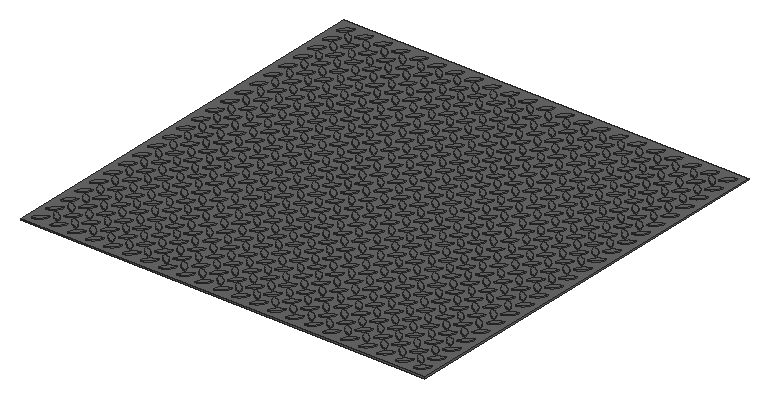
Revit family "141012021113804", category Modelos genéricos, Revit 2018 (continued)
Forms (mm)
  Blend 122, solid, material "Goma negro" <- "Material", detail levels fine
    base sketch origin (1008.494, -16.055, 0) x (-0.707107, -0.707107, 0) y (0.707107, -0.707107, 0)
      loop
        arc (794.539, -324.327) -> (799.889, -307.273) -> (794.539, -290.22) r 29.852
        arc (794.539, -290.22) -> (793.684, -289.773) -> (792.83, -290.22) r 1.041
    top sketch origin (1008.494, -16.055, 0) x (-0.707107, -0.707107, 0) y (0.707107, -0.707107, 0)
      loop
        arc (792.83, -290.22) -> (787.479, -307.273) -> (792.83, -324.327) r 29.852
        arc (792.83, -324.327) -> (793.684, -324.773) -> (794.539, -324.327) r 1.041
        arc (794.539, -324.327) -> (799.889, -307.273) -> (794.539, -290.22) r 29.852
        arc (794.539, -290.22) -> (793.684, -289.773) -> (792.83, -290.22) r 1.041
    from 0 to 1
  Blend 123, solid, material "Goma negro" <- "Material", detail levels fine
    base sketch origin (-181.445, 395.994, 0) x (0.707107, -0.707107, 0) y (0.707107, 0.707107, 0)
      loop
        arc (792.83, -290.22) -> (787.479, -307.273) -> (792.83, -324.327) r 29.852
        arc (792.83, -324.327) -> (793.684, -324.773) -> (794.539, -324.327) r 1.041
        arc (794.539, -324.327) -> (799.889, -307.273) -> (794.539, -290.22) r 29.852
        arc (794.539, -290.22) -> (793.684, -289.773) -> (792.83, -290.22) r 1.041
    top sketch origin (-181.445, 395.994, 0) x (0.707107, -0.707107, 0) y (0.707107, 0.707107, 0)
      loop
        arc (792.83, -290.22) -> (787.479, -307.273) -> (792.83, -324.327) r 29.852
        arc (792.83, -324.327) -> (793.684, -324.773) -> (794.539, -324.327) r 1.041
        arc (794.539, -324.327) -> (799.889, -307.273) -> (794.539, -290.22) r 29.852
        arc (794.539, -290.22) -> (793.684, -289.773) -> (792.83, -290.22) r 1.041
    from 0 to 1
  Blend 124, solid, material "Goma negro" <- "Material", detail levels fine
    base sketch origin (963.494, -16.055, 0) x (-0.707107, -0.707107, 0) y (0.707107, -0.707107, 0)
      loop
        arc (792.83, -290.22) -> (787.479, -307.273) -> (792.83, -324.327) r 29.852
        arc (792.83, -324.327) -> (793.684, -324.773) -> (794.539, -324.327) r 1.041
        arc (794.539, -324.327) -> (799.889, -307.273) -> (794.539, -290.22) r 29.852
        arc (794.539, -290.22) -> (793.684, -289.773) -> (792.83, -290.22) r 1.041
    top sketch origin (963.494, -16.055, 0) x (-0.707107, -0.707107, 0) y (0.707107, -0.707107, 0)
      loop
        arc (792.83, -290.22) -> (787.479, -307.273) -> (792.83, -324.327) r 29.852
        arc (792.83, -324.327) -> (793.684, -324.773) -> (794.539, -324.327) r 1.041
        arc (794.539, -324.327) -> (799.889, -307.273) -> (794.539, -290.22) r 29.852
        arc (794.539, -290.22) -> (793.684, -289.773) -> (792.83, -290.22) r 1.041
    from 0 to 1
  Blend 125, solid, material "Goma negro" <- "Material", detail levels fine
    base sketch origin (-226.445, 395.994, 0) x (0.707107, -0.707107, 0) y (0.707107, 0.707107, 0)
      loop
        arc (792.83, -290.22) -> (787.479, -307.273) -> (792.83, -324.327) r 29.852
        arc (792.83, -324.327) -> (793.684, -324.773) -> (794.539, -324.327) r 1.041
        arc (794.539, -324.327) -> (799.889, -307.273) -> (794.539, -290.22) r 29.852
        arc (794.539, -290.22) -> (793.684, -289.773) -> (792.83, -290.22) r 1.041
    top sketch origin (-226.445, 395.994, 0) x (0.707107, -0.707107, 0) y (0.707107, 0.707107, 0)
      loop
        arc (792.83, -290.22) -> (787.479, -307.273) -> (792.83, -324.327) r 29.852
        arc (792.83, -324.327) -> (793.684, -324.773) -> (794.539, -324.327) r 1.041
        arc (794.539, -324.327) -> (799.889, -307.273) -> (794.539, -290.22) r 29.852
        arc (794.539, -290.22) -> (793.684, -289.773) -> (792.83, -290.22) r 1.041
    from 0 to 1
  Blend 126, solid, material "Goma negro" <- "Material", detail levels fine
    base sketch origin (918.494, -16.055, 0) x (-0.707107, -0.707107, 0) y (0.707107, -0.707107, 0)
      loop
        arc (792.83, -290.22) -> (787.479, -307.273) -> (792.83, -324.327) r 29.852
        arc (792.83, -324.327) -> (793.684, -324.773) -> (794.539, -324.327) r 1.041
        arc (794.539, -324.327) -> (799.889, -307.273) -> (794.539, -290.22) r 29.852
        arc (794.539, -290.22) -> (793.684, -289.773) -> (792.83, -290.22) r 1.041
    top sketch origin (918.494, -16.055, 0) x (-0.707107, -0.707107, 0) y (0.707107, -0.707107, 0)
      loop
        arc (792.83, -290.22) -> (787.479, -307.273) -> (792.83, -324.327) r 29.852
        arc (792.83, -324.327) -> (793.684, -324.773) -> (794.539, -324.327) r 1.041
        arc (794.539, -324.327) -> (799.889, -307.273) -> (794.539, -290.22) r 29.852
        arc (794.539, -290.22) -> (793.684, -289.773) -> (792.83, -290.22) r 1.041
    from 0 to 1
  Blend 127, solid, material "Goma negro" <- "Material", detail levels fine
    base sketch origin (-271.445, 395.994, 0) x (0.707107, -0.707107, 0) y (0.707107, 0.707107, 0)
      loop
        arc (792.83, -290.22) -> (787.479, -307.273) -> (792.83, -324.327) r 29.852
        arc (792.83, -324.327) -> (793.684, -324.773) -> (794.539, -324.327) r 1.041
        arc (794.539, -324.327) -> (799.889, -307.273) -> (794.539, -290.22) r 29.852
        arc (794.539, -290.22) -> (793.684, -289.773) -> (792.83, -290.22) r 1.041
    top sketch origin (-271.445, 395.994, 0) x (0.707107, -0.707107, 0) y (0.707107, 0.707107, 0)
      loop
        arc (792.83, -290.22) -> (787.479, -307.273) -> (792.83, -324.327) r 29.852
        arc (792.83, -324.327) -> (793.684, -324.773) -> (794.539, -324.327) r 1.041
        arc (794.539, -324.327) -> (799.889, -307.273) -> (794.539, -290.22) r 29.852
        arc (794.539, -290.22) -> (793.684, -289.773) -> (792.83, -290.22) r 1.041
    from 0 to 1
  Blend 128, solid, material "Goma negro" <- "Material", detail levels fine
    base sketch origin (873.494, -16.055, 0) x (-0.707107, -0.707107, 0) y (0.707107, -0.707107, 0)
      loop
        arc (792.83, -290.22) -> (787.479, -307.273) -> (792.83, -324.327) r 29.852
        arc (792.83, -324.327) -> (793.684, -324.773) -> (794.539, -324.327) r 1.041
        arc (794.539, -324.327) -> (799.889, -307.273) -> (794.539, -290.22) r 29.852
        arc (794.539, -290.22) -> (793.684, -289.773) -> (792.83, -290.22) r 1.041
    top sketch origin (873.494, -16.055, 0) x (-0.707107, -0.707107, 0) y (0.707107, -0.707107, 0)
      loop
        arc (792.83, -290.22) -> (787.479, -307.273) -> (792.83, -324.327) r 29.852
        arc (792.83, -324.327) -> (793.684, -324.773) -> (794.539, -324.327) r 1.041
        arc (794.539, -324.327) -> (799.889, -307.273) -> (794.539, -290.22) r 29.852
        arc (794.539, -290.22) -> (793.684, -289.773) -> (792.83, -290.22) r 1.041
    from 0 to 1
  Blend 129, solid, material "Goma negro" <- "Material", detail levels fine
    base sketch origin (-316.445, 395.994, 0) x (0.707107, -0.707107, 0) y (0.707107, 0.707107, 0)
      loop
        arc (792.83, -290.22) -> (787.479, -307.273) -> (792.83, -324.327) r 29.852
        arc (792.83, -324.327) -> (793.684, -324.773) -> (794.539, -324.327) r 1.041
        arc (794.539, -324.327) -> (799.889, -307.273) -> (794.539, -290.22) r 29.852
        arc (794.539, -290.22) -> (793.684, -289.773) -> (792.83, -290.22) r 1.041
    top sketch origin (-316.445, 395.994, 0) x (0.707107, -0.707107, 0) y (0.707107, 0.707107, 0)
      loop
        arc (792.83, -290.22) -> (787.479, -307.273) -> (792.83, -324.327) r 29.852
        arc (792.83, -324.327) -> (793.684, -324.773) -> (794.539, -324.327) r 1.041
        arc (794.539, -324.327) -> (799.889, -307.273) -> (794.539, -290.22) r 29.852
        arc (794.539, -290.22) -> (793.684, -289.773) -> (792.83, -290.22) r 1.041
    from 0 to 1
  Blend 130, solid, material "Goma negro" <- "Material", detail levels fine
    base sketch origin (828.494, -16.055, 0) x (-0.707107, -0.707107, 0) y (0.707107, -0.707107, 0)
      loop
        arc (792.83, -290.22) -> (787.479, -307.273) -> (792.83, -324.327) r 29.852
        arc (792.83, -324.327) -> (793.684, -324.773) -> (794.539, -324.327) r 1.041
        arc (794.539, -324.327) -> (799.889, -307.273) -> (794.539, -290.22) r 29.852
        arc (794.539, -290.22) -> (793.684, -289.773) -> (792.83, -290.22) r 1.041
    top sketch origin (828.494, -16.055, 0) x (-0.707107, -0.707107, 0) y (0.707107, -0.707107, 0)
      loop
        arc (792.83, -290.22) -> (787.479, -307.273) -> (792.83, -324.327) r 29.852
        arc (792.83, -324.327) -> (793.684, -324.773) -> (794.539, -324.327) r 1.041
        arc (794.539, -324.327) -> (799.889, -307.273) -> (794.539, -290.22) r 29.852
        arc (794.539, -290.22) -> (793.684, -289.773) -> (792.83, -290.22) r 1.041
    from 0 to 1
  Blend 131, solid, material "Goma negro" <- "Material", detail levels fine
    base sketch origin (628.555, 440.994, 0) x (0.707107, -0.707107, 0) y (0.707107, 0.707107, 0)
      loop
        arc (792.83, -290.22) -> (787.479, -307.273) -> (792.83, -324.327) r 29.852
        arc (792.83, -324.327) -> (793.684, -324.773) -> (794.539, -324.327) r 1.041
        arc (794.539, -324.327) -> (799.889, -307.273) -> (794.539, -290.22) r 29.852
        arc (794.539, -290.22) -> (793.684, -289.773) -> (792.83, -290.22) r 1.041
    top sketch origin (628.555, 440.994, 0) x (0.707107, -0.707107, 0) y (0.707107, 0.707107, 0)
      loop
        arc (792.83, -290.22) -> (787.479, -307.273) -> (792.83, -324.327) r 29.852
        arc (792.83, -324.327) -> (793.684, -324.773) -> (794.539, -324.327) r 1.041
        arc (794.539, -324.327) -> (799.889, -307.273) -> (794.539, -290.22) r 29.852
        arc (794.539, -290.22) -> (793.684, -289.773) -> (792.83, -290.22) r 1.041
    from 0 to 1
  Blend 132, solid, material "Goma negro" <- "Material", detail levels fine
    base sketch origin (583.555, 440.994, 0) x (0.707107, -0.707107, 0) y (0.707107, 0.707107, 0)
      loop
        arc (792.83, -290.22) -> (787.479, -307.273) -> (792.83, -324.327) r 29.852
        arc (792.83, -324.327) -> (793.684, -324.773) -> (794.539, -324.327) r 1.041
        arc (794.539, -324.327) -> (799.889, -307.273) -> (794.539, -290.22) r 29.852
        arc (794.539, -290.22) -> (793.684, -289.773) -> (792.83, -290.22) r 1.041
    top sketch origin (583.555, 440.994, 0) x (0.707107, -0.707107, 0) y (0.707107, 0.707107, 0)
      loop
        arc (792.83, -290.22) -> (787.479, -307.273) -> (792.83, -324.327) r 29.852
        arc (792.83, -324.327) -> (793.684, -324.773) -> (794.539, -324.327) r 1.041
        arc (794.539, -324.327) -> (799.889, -307.273) -> (794.539, -290.22) r 29.852
        arc (794.539, -290.22) -> (793.684, -289.773) -> (792.83, -290.22) r 1.041
    from 0 to 1
  Blend 133, solid, material "Goma negro" <- "Material", detail levels fine
    base sketch origin (1728.494, 28.945, 0) x (-0.707107, -0.707107, 0) y (0.707107, -0.707107, 0)
      loop
        arc (792.83, -290.22) -> (787.479, -307.273) -> (792.83, -324.327) r 29.852
        arc (792.83, -324.327) -> (793.684, -324.773) -> (794.539, -324.327) r 1.041
        arc (794.539, -324.327) -> (799.889, -307.273) -> (794.539, -290.22) r 29.852
        arc (794.539, -290.22) -> (793.684, -289.773) -> (792.83, -290.22) r 1.041
    top sketch origin (1728.494, 28.945, 0) x (-0.707107, -0.707107, 0) y (0.707107, -0.707107, 0)
      loop
        arc (792.83, -290.22) -> (787.479, -307.273) -> (792.83, -324.327) r 29.852
        arc (792.83, -324.327) -> (793.684, -324.773) -> (794.539, -324.327) r 1.041
        arc (794.539, -324.327) -> (799.889, -307.273) -> (794.539, -290.22) r 29.852
        arc (794.539, -290.22) -> (793.684, -289.773) -> (792.83, -290.22) r 1.041
    from 0 to 1
  Blend 134, solid, material "Goma negro" <- "Material", detail levels fine
    base sketch origin (538.555, 440.994, 0) x (0.707107, -0.707107, 0) y (0.707107, 0.707107, 0)
      loop
        arc (792.83, -290.22) -> (787.479, -307.273) -> (792.83, -324.327) r 29.852
        arc (792.83, -324.327) -> (793.684, -324.773) -> (794.539, -324.327) r 1.041
        arc (794.539, -324.327) -> (799.889, -307.273) -> (794.539, -290.22) r 29.852
        arc (794.539, -290.22) -> (793.684, -289.773) -> (792.83, -290.22) r 1.041
    top sketch origin (538.555, 440.994, 0) x (0.707107, -0.707107, 0) y (0.707107, 0.707107, 0)
      loop
        arc (792.83, -290.22) -> (787.479, -307.273) -> (792.83, -324.327) r 29.852
        arc (792.83, -324.327) -> (793.684, -324.773) -> (794.539, -324.327) r 1.041
        arc (794.539, -324.327) -> (799.889, -307.273) -> (794.539, -290.22) r 29.852
        arc (794.539, -290.22) -> (793.684, -289.773) -> (792.83, -290.22) r 1.041
    from 0 to 1
  Blend 135, solid, material "Goma negro" <- "Material", detail levels fine
    base sketch origin (1683.494, 28.945, 0) x (-0.707107, -0.707107, 0) y (0.707107, -0.707107, 0)
      loop
        arc (792.83, -290.22) -> (787.479, -307.273) -> (792.83, -324.327) r 29.852
        arc (792.83, -324.327) -> (793.684, -324.773) -> (794.539, -324.327) r 1.041
        arc (794.539, -324.327) -> (799.889, -307.273) -> (794.539, -290.22) r 29.852
        arc (794.539, -290.22) -> (793.684, -289.773) -> (792.83, -290.22) r 1.041
    top sketch origin (1683.494, 28.945, 0) x (-0.707107, -0.707107, 0) y (0.707107, -0.707107, 0)
      loop
        arc (792.83, -290.22) -> (787.479, -307.273) -> (792.83, -324.327) r 29.852
        arc (792.83, -324.327) -> (793.684, -324.773) -> (794.539, -324.327) r 1.041
        arc (794.539, -324.327) -> (799.889, -307.273) -> (794.539, -290.22) r 29.852
        arc (794.539, -290.22) -> (793.684, -289.773) -> (792.83, -290.22) r 1.041
    from 0 to 1
  Blend 136, solid, material "Goma negro" <- "Material", detail levels fine
    base sketch origin (493.555, 440.994, 0) x (0.707107, -0.707107, 0) y (0.707107, 0.707107, 0)
      loop
        arc (792.83, -290.22) -> (787.479, -307.273) -> (792.83, -324.327) r 29.852
        arc (792.83, -324.327) -> (793.684, -324.773) -> (794.539, -324.327) r 1.041
        arc (794.539, -324.327) -> (799.889, -307.273) -> (794.539, -290.22) r 29.852
        arc (794.539, -290.22) -> (793.684, -289.773) -> (792.83, -290.22) r 1.041
    top sketch origin (493.555, 440.994, 0) x (0.707107, -0.707107, 0) y (0.707107, 0.707107, 0)
      loop
        arc (792.83, -290.22) -> (787.479, -307.273) -> (792.83, -324.327) r 29.852
        arc (792.83, -324.327) -> (793.684, -324.773) -> (794.539, -324.327) r 1.041
        arc (794.539, -324.327) -> (799.889, -307.273) -> (794.539, -290.22) r 29.852
        arc (794.539, -290.22) -> (793.684, -289.773) -> (792.83, -290.22) r 1.041
    from 0 to 1
  Blend 137, solid, material "Goma negro" <- "Material", detail levels fine
    base sketch origin (1638.494, 28.945, 0) x (-0.707107, -0.707107, 0) y (0.707107, -0.707107, 0)
      loop
        arc (792.83, -290.22) -> (787.479, -307.273) -> (792.83, -324.327) r 29.852
        arc (792.83, -324.327) -> (793.684, -324.773) -> (794.539, -324.327) r 1.041
        arc (794.539, -324.327) -> (799.889, -307.273) -> (794.539, -290.22) r 29.852
        arc (794.539, -290.22) -> (793.684, -289.773) -> (792.83, -290.22) r 1.041
    top sketch origin (1638.494, 28.945, 0) x (-0.707107, -0.707107, 0) y (0.707107, -0.707107, 0)
      loop
        arc (792.83, -290.22) -> (787.479, -307.273) -> (792.83, -324.327) r 29.852
        arc (792.83, -324.327) -> (793.684, -324.773) -> (794.539, -324.327) r 1.041
        arc (794.539, -324.327) -> (799.889, -307.273) -> (794.539, -290.22) r 29.852
        arc (794.539, -290.22) -> (793.684, -289.773) -> (792.83, -290.22) r 1.041
    from 0 to 1
  Blend 138, solid, material "Goma negro" <- "Material", detail levels fine
    base sketch origin (448.555, 440.994, 0) x (0.707107, -0.707107, 0) y (0.707107, 0.707107, 0)
      loop
        arc (792.83, -290.22) -> (787.479, -307.273) -> (792.83, -324.327) r 29.852
        arc (792.83, -324.327) -> (793.684, -324.773) -> (794.539, -324.327) r 1.041
        arc (794.539, -324.327) -> (799.889, -307.273) -> (794.539, -290.22) r 29.852
        arc (794.539, -290.22) -> (793.684, -289.773) -> (792.83, -290.22) r 1.041
    top sketch origin (448.555, 440.994, 0) x (0.707107, -0.707107, 0) y (0.707107, 0.707107, 0)
      loop
        arc (792.83, -290.22) -> (787.479, -307.273) -> (792.83, -324.327) r 29.852
        arc (792.83, -324.327) -> (793.684, -324.773) -> (794.539, -324.327) r 1.041
        arc (794.539, -324.327) -> (799.889, -307.273) -> (794.539, -290.22) r 29.852
        arc (794.539, -290.22) -> (793.684, -289.773) -> (792.83, -290.22) r 1.041
    from 0 to 1
  Blend 139, solid, material "Goma negro" <- "Material", detail levels fine
    base sketch origin (1593.494, 28.945, 0) x (-0.707107, -0.707107, 0) y (0.707107, -0.707107, 0)
      loop
        arc (792.83, -290.22) -> (787.479, -307.273) -> (792.83, -324.327) r 29.852
        arc (792.83, -324.327) -> (793.684, -324.773) -> (794.539, -324.327) r 1.041
        arc (794.539, -324.327) -> (799.889, -307.273) -> (794.539, -290.22) r 29.852
        arc (794.539, -290.22) -> (793.684, -289.773) -> (792.83, -290.22) r 1.041
    top sketch origin (1593.494, 28.945, 0) x (-0.707107, -0.707107, 0) y (0.707107, -0.707107, 0)
      loop
        arc (792.83, -290.22) -> (787.479, -307.273) -> (792.83, -324.327) r 29.852
        arc (792.83, -324.327) -> (793.684, -324.773) -> (794.539, -324.327) r 1.041
        arc (794.539, -324.327) -> (799.889, -307.273) -> (794.539, -290.22) r 29.852
        arc (794.539, -290.22) -> (793.684, -289.773) -> (792.83, -290.22) r 1.041
    from 0 to 1
  Blend 140, solid, material "Goma negro" <- "Material", detail levels fine
    base sketch origin (403.555, 440.994, 0) x (0.707107, -0.707107, 0) y (0.707107, 0.707107, 0)
      loop
        arc (792.83, -290.22) -> (787.479, -307.273) -> (792.83, -324.327) r 29.852
        arc (792.83, -324.327) -> (793.684, -324.773) -> (794.539, -324.327) r 1.041
        arc (794.539, -324.327) -> (799.889, -307.273) -> (794.539, -290.22) r 29.852
        arc (794.539, -290.22) -> (793.684, -289.773) -> (792.83, -290.22) r 1.041
    top sketch origin (403.555, 440.994, 0) x (0.707107, -0.707107, 0) y (0.707107, 0.707107, 0)
      loop
        arc (792.83, -290.22) -> (787.479, -307.273) -> (792.83, -324.327) r 29.852
        arc (792.83, -324.327) -> (793.684, -324.773) -> (794.539, -324.327) r 1.041
        arc (794.539, -324.327) -> (799.889, -307.273) -> (794.539, -290.22) r 29.852
        arc (794.539, -290.22) -> (793.684, -289.773) -> (792.83, -290.22) r 1.041
    from 0 to 1
  Blend 141, solid, material "Goma negro" <- "Material", detail levels fine
    base sketch origin (1548.494, 28.945, 0) x (-0.707107, -0.707107, 0) y (0.707107, -0.707107, 0)
      loop
        arc (792.83, -290.22) -> (787.479, -307.273) -> (792.83, -324.327) r 29.852
        arc (792.83, -324.327) -> (793.684, -324.773) -> (794.539, -324.327) r 1.041
        arc (794.539, -324.327) -> (799.889, -307.273) -> (794.539, -290.22) r 29.852
        arc (794.539, -290.22) -> (793.684, -289.773) -> (792.83, -290.22) r 1.041
    top sketch origin (1548.494, 28.945, 0) x (-0.707107, -0.707107, 0) y (0.707107, -0.707107, 0)
      loop
        arc (792.83, -290.22) -> (787.479, -307.273) -> (792.83, -324.327) r 29.852
        arc (792.83, -324.327) -> (793.684, -324.773) -> (794.539, -324.327) r 1.041
        arc (794.539, -324.327) -> (799.889, -307.273) -> (794.539, -290.22) r 29.852
        arc (794.539, -290.22) -> (793.684, -289.773) -> (792.83, -290.22) r 1.041
    from 0 to 1
  Blend 142, solid, material "Goma negro" <- "Material", detail levels fine
    base sketch origin (358.555, 440.994, 0) x (0.707107, -0.707107, 0) y (0.707107, 0.707107, 0)
      loop
        arc (792.83, -290.22) -> (787.479, -307.273) -> (792.83, -324.327) r 29.852
        arc (792.83, -324.327) -> (793.684, -324.773) -> (794.539, -324.327) r 1.041
        arc (794.539, -324.327) -> (799.889, -307.273) -> (794.539, -290.22) r 29.852
        arc (794.539, -290.22) -> (793.684, -289.773) -> (792.83, -290.22) r 1.041
    top sketch origin (358.555, 440.994, 0) x (0.707107, -0.707107, 0) y (0.707107, 0.707107, 0)
      loop
        arc (792.83, -290.22) -> (787.479, -307.273) -> (792.83, -324.327) r 29.852
        arc (792.83, -324.327) -> (793.684, -324.773) -> (794.539, -324.327) r 1.041
        arc (794.539, -324.327) -> (799.889, -307.273) -> (794.539, -290.22) r 29.852
        arc (794.539, -290.22) -> (793.684, -289.773) -> (792.83, -290.22) r 1.041
    from 0 to 1
  Blend 143, solid, material "Goma negro" <- "Material", detail levels fine
    base sketch origin (1503.494, 28.945, 0) x (-0.707107, -0.707107, 0) y (0.707107, -0.707107, 0)
      loop
        arc (792.83, -290.22) -> (787.479, -307.273) -> (792.83, -324.327) r 29.852
        arc (792.83, -324.327) -> (793.684, -324.773) -> (794.539, -324.327) r 1.041
        arc (794.539, -324.327) -> (799.889, -307.273) -> (794.539, -290.22) r 29.852
        arc (794.539, -290.22) -> (793.684, -289.773) -> (792.83, -290.22) r 1.041
    top sketch origin (1503.494, 28.945, 0) x (-0.707107, -0.707107, 0) y (0.707107, -0.707107, 0)
      loop
        arc (792.83, -290.22) -> (787.479, -307.273) -> (792.83, -324.327) r 29.852
        arc (792.83, -324.327) -> (793.684, -324.773) -> (794.539, -324.327) r 1.041
        arc (794.539, -324.327) -> (799.889, -307.273) -> (794.539, -290.22) r 29.852
        arc (794.539, -290.22) -> (793.684, -289.773) -> (792.83, -290.22) r 1.041
    from 0 to 1
  Blend 144, solid, material "Goma negro" <- "Material", detail levels fine
    base sketch origin (313.555, 440.994, 0) x (0.707107, -0.707107, 0) y (0.707107, 0.707107, 0)
      loop
        arc (792.83, -290.22) -> (787.479, -307.273) -> (792.83, -324.327) r 29.852
        arc (792.83, -324.327) -> (793.684, -324.773) -> (794.539, -324.327) r 1.041
        arc (794.539, -324.327) -> (799.889, -307.273) -> (794.539, -290.22) r 29.852
        arc (794.539, -290.22) -> (793.684, -289.773) -> (792.83, -290.22) r 1.041
    top sketch origin (313.555, 440.994, 0) x (0.707107, -0.707107, 0) y (0.707107, 0.707107, 0)
      loop
        arc (792.83, -290.22) -> (787.479, -307.273) -> (792.83, -324.327) r 29.852
        arc (792.83, -324.327) -> (793.684, -324.773) -> (794.539, -324.327) r 1.041
        arc (794.539, -324.327) -> (799.889, -307.273) -> (794.539, -290.22) r 29.852
        arc (794.539, -290.22) -> (793.684, -289.773) -> (792.83, -290.22) r 1.041
    from 0 to 1
  Blend 145, solid, material "Goma negro" <- "Material", detail levels fine
    base sketch origin (1458.494, 28.945, 0) x (-0.707107, -0.707107, 0) y (0.707107, -0.707107, 0)
      loop
        arc (792.83, -290.22) -> (787.479, -307.273) -> (792.83, -324.327) r 29.852
        arc (792.83, -324.327) -> (793.684, -324.773) -> (794.539, -324.327) r 1.041
        arc (794.539, -324.327) -> (799.889, -307.273) -> (794.539, -290.22) r 29.852
        arc (794.539, -290.22) -> (793.684, -289.773) -> (792.83, -290.22) r 1.041
    top sketch origin (1458.494, 28.945, 0) x (-0.707107, -0.707107, 0) y (0.707107, -0.707107, 0)
      loop
        arc (792.83, -290.22) -> (787.479, -307.273) -> (792.83, -324.327) r 29.852
        arc (792.83, -324.327) -> (793.684, -324.773) -> (794.539, -324.327) r 1.041
        arc (794.539, -324.327) -> (799.889, -307.273) -> (794.539, -290.22) r 29.852
        arc (794.539, -290.22) -> (793.684, -289.773) -> (792.83, -290.22) r 1.041
    from 0 to 1
  Blend 146, solid, material "Goma negro" <- "Material", detail levels fine
    base sketch origin (268.555, 440.994, 0) x (0.707107, -0.707107, 0) y (0.707107, 0.707107, 0)
      loop
        arc (792.83, -290.22) -> (787.479, -307.273) -> (792.83, -324.327) r 29.852
        arc (792.83, -324.327) -> (793.684, -324.773) -> (794.539, -324.327) r 1.041
        arc (794.539, -324.327) -> (799.889, -307.273) -> (794.539, -290.22) r 29.852
        arc (794.539, -290.22) -> (793.684, -289.773) -> (792.83, -290.22) r 1.041
    top sketch origin (268.555, 440.994, 0) x (0.707107, -0.707107, 0) y (0.707107, 0.707107, 0)
      loop
        arc (792.83, -290.22) -> (787.479, -307.273) -> (792.83, -324.327) r 29.852
        arc (792.83, -324.327) -> (793.684, -324.773) -> (794.539, -324.327) r 1.041
        arc (794.539, -324.327) -> (799.889, -307.273) -> (794.539, -290.22) r 29.852
        arc (794.539, -290.22) -> (793.684, -289.773) -> (792.83, -290.22) r 1.041
    from 0 to 1
  Blend 147, solid, material "Goma negro" <- "Material", detail levels fine
    base sketch origin (1413.494, 28.945, 0) x (-0.707107, -0.707107, 0) y (0.707107, -0.707107, 0)
      loop
        arc (792.83, -290.22) -> (787.479, -307.273) -> (792.83, -324.327) r 29.852
        arc (792.83, -324.327) -> (793.684, -324.773) -> (794.539, -324.327) r 1.041
        arc (794.539, -324.327) -> (799.889, -307.273) -> (794.539, -290.22) r 29.852
        arc (794.539, -290.22) -> (793.684, -289.773) -> (792.83, -290.22) r 1.041
    top sketch origin (1413.494, 28.945, 0) x (-0.707107, -0.707107, 0) y (0.707107, -0.707107, 0)
      loop
        arc (792.83, -290.22) -> (787.479, -307.273) -> (792.83, -324.327) r 29.852
        arc (792.83, -324.327) -> (793.684, -324.773) -> (794.539, -324.327) r 1.041
        arc (794.539, -324.327) -> (799.889, -307.273) -> (794.539, -290.22) r 29.852
        arc (794.539, -290.22) -> (793.684, -289.773) -> (792.83, -290.22) r 1.041
    from 0 to 1
  Blend 148, solid, material "Goma negro" <- "Material", detail levels fine
    base sketch origin (223.555, 440.994, 0) x (0.707107, -0.707107, 0) y (0.707107, 0.707107, 0)
      loop
        arc (792.83, -290.22) -> (787.479, -307.273) -> (792.83, -324.327) r 29.852
        arc (792.83, -324.327) -> (793.684, -324.773) -> (794.539, -324.327) r 1.041
        arc (794.539, -324.327) -> (799.889, -307.273) -> (794.539, -290.22) r 29.852
        arc (794.539, -290.22) -> (793.684, -289.773) -> (792.83, -290.22) r 1.041
    top sketch origin (223.555, 440.994, 0) x (0.707107, -0.707107, 0) y (0.707107, 0.707107, 0)
      loop
        arc (792.83, -290.22) -> (787.479, -307.273) -> (792.83, -324.327) r 29.852
        arc (792.83, -324.327) -> (793.684, -324.773) -> (794.539, -324.327) r 1.041
        arc (794.539, -324.327) -> (799.889, -307.273) -> (794.539, -290.22) r 29.852
        arc (794.539, -290.22) -> (793.684, -289.773) -> (792.83, -290.22) r 1.041
    from 0 to 1
  Blend 149, solid, material "Goma negro" <- "Material", detail levels fine
    base sketch origin (1368.494, 28.945, 0) x (-0.707107, -0.707107, 0) y (0.707107, -0.707107, 0)
      loop
        arc (792.83, -290.22) -> (787.479, -307.273) -> (792.83, -324.327) r 29.852
        arc (792.83, -324.327) -> (793.684, -324.773) -> (794.539, -324.327) r 1.041
        arc (794.539, -324.327) -> (799.889, -307.273) -> (794.539, -290.22) r 29.852
        arc (794.539, -290.22) -> (793.684, -289.773) -> (792.83, -290.22) r 1.041
    top sketch origin (1368.494, 28.945, 0) x (-0.707107, -0.707107, 0) y (0.707107, -0.707107, 0)
      loop
        arc (792.83, -290.22) -> (787.479, -307.273) -> (792.83, -324.327) r 29.852
        arc (792.83, -324.327) -> (793.684, -324.773) -> (794.539, -324.327) r 1.041
        arc (794.539, -324.327) -> (799.889, -307.273) -> (794.539, -290.22) r 29.852
        arc (794.539, -290.22) -> (793.684, -289.773) -> (792.83, -290.22) r 1.041
    from 0 to 1
  Blend 150, solid, material "Goma negro" <- "Material", detail levels fine
    base sketch origin (178.555, 440.994, 0) x (0.707107, -0.707107, 0) y (0.707107, 0.707107, 0)
      loop
        arc (792.83, -290.22) -> (787.479, -307.273) -> (792.83, -324.327) r 29.852
        arc (792.83, -324.327) -> (793.684, -324.773) -> (794.539, -324.327) r 1.041
        arc (794.539, -324.327) -> (799.889, -307.273) -> (794.539, -290.22) r 29.852
        arc (794.539, -290.22) -> (793.684, -289.773) -> (792.83, -290.22) r 1.041
    top sketch origin (178.555, 440.994, 0) x (0.707107, -0.707107, 0) y (0.707107, 0.707107, 0)
      loop
        arc (792.83, -290.22) -> (787.479, -307.273) -> (792.83, -324.327) r 29.852
        arc (792.83, -324.327) -> (793.684, -324.773) -> (794.539, -324.327) r 1.041
        arc (794.539, -324.327) -> (799.889, -307.273) -> (794.539, -290.22) r 29.852
        arc (794.539, -290.22) -> (793.684, -289.773) -> (792.83, -290.22) r 1.041
    from 0 to 1
  Blend 151, solid, material "Goma negro" <- "Material", detail levels fine
    base sketch origin (1323.494, 28.945, 0) x (-0.707107, -0.707107, 0) y (0.707107, -0.707107, 0)
      loop
        arc (792.83, -290.22) -> (787.479, -307.273) -> (792.83, -324.327) r 29.852
        arc (792.83, -324.327) -> (793.684, -324.773) -> (794.539, -324.327) r 1.041
        arc (794.539, -324.327) -> (799.889, -307.273) -> (794.539, -290.22) r 29.852
        arc (794.539, -290.22) -> (793.684, -289.773) -> (792.83, -290.22) r 1.041
    top sketch origin (1323.494, 28.945, 0) x (-0.707107, -0.707107, 0) y (0.707107, -0.707107, 0)
      loop
        arc (792.83, -290.22) -> (787.479, -307.273) -> (792.83, -324.327) r 29.852
        arc (792.83, -324.327) -> (793.684, -324.773) -> (794.539, -324.327) r 1.041
        arc (794.539, -324.327) -> (799.889, -307.273) -> (794.539, -290.22) r 29.852
        arc (794.539, -290.22) -> (793.684, -289.773) -> (792.83, -290.22) r 1.041
    from 0 to 1
  Blend 152, solid, material "Goma negro" <- "Material", detail levels fine
    base sketch origin (133.555, 440.994, 0) x (0.707107, -0.707107, 0) y (0.707107, 0.707107, 0)
      loop
        arc (792.83, -290.22) -> (787.479, -307.273) -> (792.83, -324.327) r 29.852
        arc (792.83, -324.327) -> (793.684, -324.773) -> (794.539, -324.327) r 1.041
        arc (794.539, -324.327) -> (799.889, -307.273) -> (794.539, -290.22) r 29.852
        arc (794.539, -290.22) -> (793.684, -289.773) -> (792.83, -290.22) r 1.041
    top sketch origin (133.555, 440.994, 0) x (0.707107, -0.707107, 0) y (0.707107, 0.707107, 0)
      loop
        arc (792.83, -290.22) -> (787.479, -307.273) -> (792.83, -324.327) r 29.852
        arc (792.83, -324.327) -> (793.684, -324.773) -> (794.539, -324.327) r 1.041
        arc (794.539, -324.327) -> (799.889, -307.273) -> (794.539, -290.22) r 29.852
        arc (794.539, -290.22) -> (793.684, -289.773) -> (792.83, -290.22) r 1.041
    from 0 to 1
  Blend 153, solid, material "Goma negro" <- "Material", detail levels fine
    base sketch origin (1278.494, 28.945, 0) x (-0.707107, -0.707107, 0) y (0.707107, -0.707107, 0)
      loop
        arc (792.83, -290.22) -> (787.479, -307.273) -> (792.83, -324.327) r 29.852
        arc (792.83, -324.327) -> (793.684, -324.773) -> (794.539, -324.327) r 1.041
        arc (794.539, -324.327) -> (799.889, -307.273) -> (794.539, -290.22) r 29.852
        arc (794.539, -290.22) -> (793.684, -289.773) -> (792.83, -290.22) r 1.041
    top sketch origin (1278.494, 28.945, 0) x (-0.707107, -0.707107, 0) y (0.707107, -0.707107, 0)
      loop
        arc (792.83, -290.22) -> (787.479, -307.273) -> (792.83, -324.327) r 29.852
        arc (792.83, -324.327) -> (793.684, -324.773) -> (794.539, -324.327) r 1.041
        arc (794.539, -324.327) -> (799.889, -307.273) -> (794.539, -290.22) r 29.852
        arc (794.539, -290.22) -> (793.684, -289.773) -> (792.83, -290.22) r 1.041
    from 0 to 1
  Blend 154, solid, material "Goma negro" <- "Material", detail levels fine
    base sketch origin (88.555, 440.994, 0) x (0.707107, -0.707107, 0) y (0.707107, 0.707107, 0)
      loop
        arc (792.83, -290.22) -> (787.479, -307.273) -> (792.83, -324.327) r 29.852
        arc (792.83, -324.327) -> (793.684, -324.773) -> (794.539, -324.327) r 1.041
        arc (794.539, -324.327) -> (799.889, -307.273) -> (794.539, -290.22) r 29.852
        arc (794.539, -290.22) -> (793.684, -289.773) -> (792.83, -290.22) r 1.041
    top sketch origin (88.555, 440.994, 0) x (0.707107, -0.707107, 0) y (0.707107, 0.707107, 0)
      loop
        arc (792.83, -290.22) -> (787.479, -307.273) -> (792.83, -324.327) r 29.852
        arc (792.83, -324.327) -> (793.684, -324.773) -> (794.539, -324.327) r 1.041
        arc (794.539, -324.327) -> (799.889, -307.273) -> (794.539, -290.22) r 29.852
        arc (794.539, -290.22) -> (793.684, -289.773) -> (792.83, -290.22) r 1.041
    from 0 to 1
  Blend 155, solid, material "Goma negro" <- "Material", detail levels fine
    base sketch origin (1233.494, 28.945, 0) x (-0.707107, -0.707107, 0) y (0.707107, -0.707107, 0)
      loop
        arc (792.83, -290.22) -> (787.479, -307.273) -> (792.83, -324.327) r 29.852
        arc (792.83, -324.327) -> (793.684, -324.773) -> (794.539, -324.327) r 1.041
        arc (794.539, -324.327) -> (799.889, -307.273) -> (794.539, -290.22) r 29.852
        arc (794.539, -290.22) -> (793.684, -289.773) -> (792.83, -290.22) r 1.041
    top sketch origin (1233.494, 28.945, 0) x (-0.707107, -0.707107, 0) y (0.707107, -0.707107, 0)
      loop
        arc (792.83, -290.22) -> (787.479, -307.273) -> (792.83, -324.327) r 29.852
        arc (792.83, -324.327) -> (793.684, -324.773) -> (794.539, -324.327) r 1.041
        arc (794.539, -324.327) -> (799.889, -307.273) -> (794.539, -290.22) r 29.852
        arc (794.539, -290.22) -> (793.684, -289.773) -> (792.83, -290.22) r 1.041
    from 0 to 1
  Blend 156, solid, material "Goma negro" <- "Material", detail levels fine
    base sketch origin (43.555, 440.994, 0) x (0.707107, -0.707107, 0) y (0.707107, 0.707107, 0)
      loop
        arc (792.83, -290.22) -> (787.479, -307.273) -> (792.83, -324.327) r 29.852
        arc (792.83, -324.327) -> (793.684, -324.773) -> (794.539, -324.327) r 1.041
        arc (794.539, -324.327) -> (799.889, -307.273) -> (794.539, -290.22) r 29.852
        arc (794.539, -290.22) -> (793.684, -289.773) -> (792.83, -290.22) r 1.041
    top sketch origin (43.555, 440.994, 0) x (0.707107, -0.707107, 0) y (0.707107, 0.707107, 0)
      loop
        arc (792.83, -290.22) -> (787.479, -307.273) -> (792.83, -324.327) r 29.852
        arc (792.83, -324.327) -> (793.684, -324.773) -> (794.539, -324.327) r 1.041
        arc (794.539, -324.327) -> (799.889, -307.273) -> (794.539, -290.22) r 29.852
        arc (794.539, -290.22) -> (793.684, -289.773) -> (792.83, -290.22) r 1.041
    from 0 to 1
  Blend 157, solid, material "Goma negro" <- "Material", detail levels fine
    base sketch origin (1188.494, 28.945, 0) x (-0.707107, -0.707107, 0) y (0.707107, -0.707107, 0)
      loop
        arc (792.83, -290.22) -> (787.479, -307.273) -> (792.83, -324.327) r 29.852
        arc (792.83, -324.327) -> (793.684, -324.773) -> (794.539, -324.327) r 1.041
        arc (794.539, -324.327) -> (799.889, -307.273) -> (794.539, -290.22) r 29.852
        arc (794.539, -290.22) -> (793.684, -289.773) -> (792.83, -290.22) r 1.041
    top sketch origin (1188.494, 28.945, 0) x (-0.707107, -0.707107, 0) y (0.707107, -0.707107, 0)
      loop
        arc (792.83, -290.22) -> (787.479, -307.273) -> (792.83, -324.327) r 29.852
        arc (792.83, -324.327) -> (793.684, -324.773) -> (794.539, -324.327) r 1.041
        arc (794.539, -324.327) -> (799.889, -307.273) -> (794.539, -290.22) r 29.852
        arc (794.539, -290.22) -> (793.684, -289.773) -> (792.83, -290.22) r 1.041
    from 0 to 1
  Blend 158, solid, material "Goma negro" <- "Material", detail levels fine
    base sketch origin (-1.445, 440.994, 0) x (0.707107, -0.707107, 0) y (0.707107, 0.707107, 0)
      loop
        arc (792.83, -290.22) -> (787.479, -307.273) -> (792.83, -324.327) r 29.852
        arc (792.83, -324.327) -> (793.684, -324.773) -> (794.539, -324.327) r 1.041
        arc (794.539, -324.327) -> (799.889, -307.273) -> (794.539, -290.22) r 29.852
        arc (794.539, -290.22) -> (793.684, -289.773) -> (792.83, -290.22) r 1.041
    top sketch origin (-1.445, 440.994, 0) x (0.707107, -0.707107, 0) y (0.707107, 0.707107, 0)
      loop
        arc (792.83, -290.22) -> (787.479, -307.273) -> (792.83, -324.327) r 29.852
        arc (792.83, -324.327) -> (793.684, -324.773) -> (794.539, -324.327) r 1.041
        arc (794.539, -324.327) -> (799.889, -307.273) -> (794.539, -290.22) r 29.852
        arc (794.539, -290.22) -> (793.684, -289.773) -> (792.83, -290.22) r 1.041
    from 0 to 1
  Blend 159, solid, material "Goma negro" <- "Material", detail levels fine
    base sketch origin (1143.494, 28.945, 0) x (-0.707107, -0.707107, 0) y (0.707107, -0.707107, 0)
      loop
        arc (792.83, -290.22) -> (787.479, -307.273) -> (792.83, -324.327) r 29.852
        arc (792.83, -324.327) -> (793.684, -324.773) -> (794.539, -324.327) r 1.041
        arc (794.539, -324.327) -> (799.889, -307.273) -> (794.539, -290.22) r 29.852
        arc (794.539, -290.22) -> (793.684, -289.773) -> (792.83, -290.22) r 1.041
    top sketch origin (1143.494, 28.945, 0) x (-0.707107, -0.707107, 0) y (0.707107, -0.707107, 0)
      loop
        arc (792.83, -290.22) -> (787.479, -307.273) -> (792.83, -324.327) r 29.852
        arc (792.83, -324.327) -> (793.684, -324.773) -> (794.539, -324.327) r 1.041
        arc (794.539, -324.327) -> (799.889, -307.273) -> (794.539, -290.22) r 29.852
        arc (794.539, -290.22) -> (793.684, -289.773) -> (792.83, -290.22) r 1.041
    from 0 to 1
  Blend 160, solid, material "Goma negro" <- "Material", detail levels fine
    base sketch origin (-46.445, 440.994, 0) x (0.707107, -0.707107, 0) y (0.707107, 0.707107, 0)
      loop
        arc (792.83, -290.22) -> (787.479, -307.273) -> (792.83, -324.327) r 29.852
        arc (792.83, -324.327) -> (793.684, -324.773) -> (794.539, -324.327) r 1.041
        arc (794.539, -324.327) -> (799.889, -307.273) -> (794.539, -290.22) r 29.852
        arc (794.539, -290.22) -> (793.684, -289.773) -> (792.83, -290.22) r 1.041
    top sketch origin (-46.445, 440.994, 0) x (0.707107, -0.707107, 0) y (0.707107, 0.707107, 0)
      loop
        arc (792.83, -290.22) -> (787.479, -307.273) -> (792.83, -324.327) r 29.852
        arc (792.83, -324.327) -> (793.684, -324.773) -> (794.539, -324.327) r 1.041
        arc (794.539, -324.327) -> (799.889, -307.273) -> (794.539, -290.22) r 29.852
        arc (794.539, -290.22) -> (793.684, -289.773) -> (792.83, -290.22) r 1.041
    from 0 to 1
  Blend 161, solid, material "Goma negro" <- "Material", detail levels fine
    base sketch origin (1098.494, 28.945, 0) x (-0.707107, -0.707107, 0) y (0.707107, -0.707107, 0)
      loop
        arc (792.83, -290.22) -> (787.479, -307.273) -> (792.83, -324.327) r 29.852
        arc (792.83, -324.327) -> (793.684, -324.773) -> (794.539, -324.327) r 1.041
        arc (794.539, -324.327) -> (799.889, -307.273) -> (794.539, -290.22) r 29.852
        arc (794.539, -290.22) -> (793.684, -289.773) -> (792.83, -290.22) r 1.041
    top sketch origin (1098.494, 28.945, 0) x (-0.707107, -0.707107, 0) y (0.707107, -0.707107, 0)
      loop
        arc (792.83, -290.22) -> (787.479, -307.273) -> (792.83, -324.327) r 29.852
        arc (792.83, -324.327) -> (793.684, -324.773) -> (794.539, -324.327) r 1.041
        arc (794.539, -324.327) -> (799.889, -307.273) -> (794.539, -290.22) r 29.852
        arc (794.539, -290.22) -> (793.684, -289.773) -> (792.83, -290.22) r 1.041
    from 0 to 1
  Blend 162, solid, material "Goma negro" <- "Material", detail levels fine
    base sketch origin (-91.445, 440.994, 0) x (0.707107, -0.707107, 0) y (0.707107, 0.707107, 0)
      loop
        arc (792.83, -290.22) -> (787.479, -307.273) -> (792.83, -324.327) r 29.852
        arc (792.83, -324.327) -> (793.684, -324.773) -> (794.539, -324.327) r 1.041
        arc (794.539, -324.327) -> (799.889, -307.273) -> (794.539, -290.22) r 29.852
        arc (794.539, -290.22) -> (793.684, -289.773) -> (792.83, -290.22) r 1.041
    top sketch origin (-91.445, 440.994, 0) x (0.707107, -0.707107, 0) y (0.707107, 0.707107, 0)
      loop
        arc (792.83, -290.22) -> (787.479, -307.273) -> (792.83, -324.327) r 29.852
        arc (792.83, -324.327) -> (793.684, -324.773) -> (794.539, -324.327) r 1.041
        arc (794.539, -324.327) -> (799.889, -307.273) -> (794.539, -290.22) r 29.852
        arc (794.539, -290.22) -> (793.684, -289.773) -> (792.83, -290.22) r 1.041
    from 0 to 1
  Blend 163, solid, material "Goma negro" <- "Material", detail levels fine
    base sketch origin (1053.494, 28.945, 0) x (-0.707107, -0.707107, 0) y (0.707107, -0.707107, 0)
      loop
        arc (792.83, -290.22) -> (787.479, -307.273) -> (792.83, -324.327) r 29.852
        arc (792.83, -324.327) -> (793.684, -324.773) -> (794.539, -324.327) r 1.041
        arc (794.539, -324.327) -> (799.889, -307.273) -> (794.539, -290.22) r 29.852
        arc (794.539, -290.22) -> (793.684, -289.773) -> (792.83, -290.22) r 1.041
    top sketch origin (1053.494, 28.945, 0) x (-0.707107, -0.707107, 0) y (0.707107, -0.707107, 0)
      loop
        arc (792.83, -290.22) -> (787.479, -307.273) -> (792.83, -324.327) r 29.852
        arc (792.83, -324.327) -> (793.684, -324.773) -> (794.539, -324.327) r 1.041
        arc (794.539, -324.327) -> (799.889, -307.273) -> (794.539, -290.22) r 29.852
        arc (794.539, -290.22) -> (793.684, -289.773) -> (792.83, -290.22) r 1.041
    from 0 to 1
  Blend 164, solid, material "Goma negro" <- "Material", detail levels fine
    base sketch origin (-136.445, 440.994, 0) x (0.707107, -0.707107, 0) y (0.707107, 0.707107, 0)
      loop
        arc (792.83, -290.22) -> (787.479, -307.273) -> (792.83, -324.327) r 29.852
        arc (792.83, -324.327) -> (793.684, -324.773) -> (794.539, -324.327) r 1.041
        arc (794.539, -324.327) -> (799.889, -307.273) -> (794.539, -290.22) r 29.852
        arc (794.539, -290.22) -> (793.684, -289.773) -> (792.83, -290.22) r 1.041
    top sketch origin (-136.445, 440.994, 0) x (0.707107, -0.707107, 0) y (0.707107, 0.707107, 0)
      loop
        arc (792.83, -290.22) -> (787.479, -307.273) -> (792.83, -324.327) r 29.852
        arc (792.83, -324.327) -> (793.684, -324.773) -> (794.539, -324.327) r 1.041
        arc (794.539, -324.327) -> (799.889, -307.273) -> (794.539, -290.22) r 29.852
        arc (794.539, -290.22) -> (793.684, -289.773) -> (792.83, -290.22) r 1.041
    from 0 to 1
  Blend 165, solid, material "Goma negro" <- "Material", detail levels fine
    base sketch origin (1008.494, 28.945, 0) x (-0.707107, -0.707107, 0) y (0.707107, -0.707107, 0)
      loop
        arc (792.83, -290.22) -> (787.479, -307.273) -> (792.83, -324.327) r 29.852
        arc (792.83, -324.327) -> (793.684, -324.773) -> (794.539, -324.327) r 1.041
        arc (794.539, -324.327) -> (799.889, -307.273) -> (794.539, -290.22) r 29.852
        arc (794.539, -290.22) -> (793.684, -289.773) -> (792.83, -290.22) r 1.041
    top sketch origin (1008.494, 28.945, 0) x (-0.707107, -0.707107, 0) y (0.707107, -0.707107, 0)
      loop
        arc (792.83, -290.22) -> (787.479, -307.273) -> (792.83, -324.327) r 29.852
        arc (792.83, -324.327) -> (793.684, -324.773) -> (794.539, -324.327) r 1.041
        arc (794.539, -324.327) -> (799.889, -307.273) -> (794.539, -290.22) r 29.852
        arc (794.539, -290.22) -> (793.684, -289.773) -> (792.83, -290.22) r 1.041
    from 0 to 1
  Blend 166, solid, material "Goma negro" <- "Material", detail levels fine
    base sketch origin (-181.445, 440.994, 0) x (0.707107, -0.707107, 0) y (0.707107, 0.707107, 0)
      loop
        arc (792.83, -290.22) -> (787.479, -307.273) -> (792.83, -324.327) r 29.852
        arc (792.83, -324.327) -> (793.684, -324.773) -> (794.539, -324.327) r 1.041
        arc (794.539, -324.327) -> (799.889, -307.273) -> (794.539, -290.22) r 29.852
        arc (794.539, -290.22) -> (793.684, -289.773) -> (792.83, -290.22) r 1.041
    top sketch origin (-181.445, 440.994, 0) x (0.707107, -0.707107, 0) y (0.707107, 0.707107, 0)
      loop
        arc (792.83, -290.22) -> (787.479, -307.273) -> (792.83, -324.327) r 29.852
        arc (792.83, -324.327) -> (793.684, -324.773) -> (794.539, -324.327) r 1.041
        arc (794.539, -324.327) -> (799.889, -307.273) -> (794.539, -290.22) r 29.852
        arc (794.539, -290.22) -> (793.684, -289.773) -> (792.83, -290.22) r 1.041
    from 0 to 1
  Blend 167, solid, material "Goma negro" <- "Material", detail levels fine
    base sketch origin (963.494, 28.945, 0) x (-0.707107, -0.707107, 0) y (0.707107, -0.707107, 0)
      loop
        arc (792.83, -290.22) -> (787.479, -307.273) -> (792.83, -324.327) r 29.852
        arc (792.83, -324.327) -> (793.684, -324.773) -> (794.539, -324.327) r 1.041
        arc (794.539, -324.327) -> (799.889, -307.273) -> (794.539, -290.22) r 29.852
        arc (794.539, -290.22) -> (793.684, -289.773) -> (792.83, -290.22) r 1.041
    top sketch origin (963.494, 28.945, 0) x (-0.707107, -0.707107, 0) y (0.707107, -0.707107, 0)
      loop
        arc (792.83, -290.22) -> (787.479, -307.273) -> (792.83, -324.327) r 29.852
        arc (792.83, -324.327) -> (793.684, -324.773) -> (794.539, -324.327) r 1.041
        arc (794.539, -324.327) -> (799.889, -307.273) -> (794.539, -290.22) r 29.852
        arc (794.539, -290.22) -> (793.684, -289.773) -> (792.83, -290.22) r 1.041
    from 0 to 1
  Blend 168, solid, material "Goma negro" <- "Material", detail levels fine
    base sketch origin (-226.445, 440.994, 0) x (0.707107, -0.707107, 0) y (0.707107, 0.707107, 0)
      loop
        arc (792.83, -290.22) -> (787.479, -307.273) -> (792.83, -324.327) r 29.852
        arc (792.83, -324.327) -> (793.684, -324.773) -> (794.539, -324.327) r 1.041
        arc (794.539, -324.327) -> (799.889, -307.273) -> (794.539, -290.22) r 29.852
        arc (794.539, -290.22) -> (793.684, -289.773) -> (792.83, -290.22) r 1.041
    top sketch origin (-226.445, 440.994, 0) x (0.707107, -0.707107, 0) y (0.707107, 0.707107, 0)
      loop
        arc (792.83, -290.22) -> (787.479, -307.273) -> (792.83, -324.327) r 29.852
        arc (792.83, -324.327) -> (793.684, -324.773) -> (794.539, -324.327) r 1.041
        arc (794.539, -324.327) -> (799.889, -307.273) -> (794.539, -290.22) r 29.852
        arc (794.539, -290.22) -> (793.684, -289.773) -> (792.83, -290.22) r 1.041
    from 0 to 1
  Blend 169, solid, material "Goma negro" <- "Material", detail levels fine
    base sketch origin (918.494, 28.945, 0) x (-0.707107, -0.707107, 0) y (0.707107, -0.707107, 0)
      loop
        arc (792.83, -290.22) -> (787.479, -307.273) -> (792.83, -324.327) r 29.852
        arc (792.83, -324.327) -> (793.684, -324.773) -> (794.539, -324.327) r 1.041
        arc (794.539, -324.327) -> (799.889, -307.273) -> (794.539, -290.22) r 29.852
        arc (794.539, -290.22) -> (793.684, -289.773) -> (792.83, -290.22) r 1.041
    top sketch origin (918.494, 28.945, 0) x (-0.707107, -0.707107, 0) y (0.707107, -0.707107, 0)
      loop
        arc (792.83, -290.22) -> (787.479, -307.273) -> (792.83, -324.327) r 29.852
        arc (792.83, -324.327) -> (793.684, -324.773) -> (794.539, -324.327) r 1.041
        arc (794.539, -324.327) -> (799.889, -307.273) -> (794.539, -290.22) r 29.852
        arc (794.539, -290.22) -> (793.684, -289.773) -> (792.83, -290.22) r 1.041
    from 0 to 1
  Blend 170, solid, material "Goma negro" <- "Material", detail levels fine
    base sketch origin (-271.445, 440.994, 0) x (0.707107, -0.707107, 0) y (0.707107, 0.707107, 0)
      loop
        arc (792.83, -290.22) -> (787.479, -307.273) -> (792.83, -324.327) r 29.852
        arc (792.83, -324.327) -> (793.684, -324.773) -> (794.539, -324.327) r 1.041
        arc (794.539, -324.327) -> (799.889, -307.273) -> (794.539, -290.22) r 29.852
        arc (794.539, -290.22) -> (793.684, -289.773) -> (792.83, -290.22) r 1.041
    top sketch origin (-271.445, 440.994, 0) x (0.707107, -0.707107, 0) y (0.707107, 0.707107, 0)
      loop
        arc (792.83, -290.22) -> (787.479, -307.273) -> (792.83, -324.327) r 29.852
        arc (792.83, -324.327) -> (793.684, -324.773) -> (794.539, -324.327) r 1.041
        arc (794.539, -324.327) -> (799.889, -307.273) -> (794.539, -290.22) r 29.852
        arc (794.539, -290.22) -> (793.684, -289.773) -> (792.83, -290.22) r 1.041
    from 0 to 1
  Blend 171, solid, material "Goma negro" <- "Material", detail levels fine
    base sketch origin (873.494, 28.945, 0) x (-0.707107, -0.707107, 0) y (0.707107, -0.707107, 0)
      loop
        arc (792.83, -290.22) -> (787.479, -307.273) -> (792.83, -324.327) r 29.852
        arc (792.83, -324.327) -> (793.684, -324.773) -> (794.539, -324.327) r 1.041
        arc (794.539, -324.327) -> (799.889, -307.273) -> (794.539, -290.22) r 29.852
        arc (794.539, -290.22) -> (793.684, -289.773) -> (792.83, -290.22) r 1.041
    top sketch origin (873.494, 28.945, 0) x (-0.707107, -0.707107, 0) y (0.707107, -0.707107, 0)
      loop
        arc (792.83, -290.22) -> (787.479, -307.273) -> (792.83, -324.327) r 29.852
        arc (792.83, -324.327) -> (793.684, -324.773) -> (794.539, -324.327) r 1.041
        arc (794.539, -324.327) -> (799.889, -307.273) -> (794.539, -290.22) r 29.852
        arc (794.539, -290.22) -> (793.684, -289.773) -> (792.83, -290.22) r 1.041
    from 0 to 1
  Blend 172, solid, material "Goma negro" <- "Material", detail levels fine
    base sketch origin (-316.445, 440.994, 0) x (0.707107, -0.707107, 0) y (0.707107, 0.707107, 0)
      loop
        arc (792.83, -290.22) -> (787.479, -307.273) -> (792.83, -324.327) r 29.852
        arc (792.83, -324.327) -> (793.684, -324.773) -> (794.539, -324.327) r 1.041
        arc (794.539, -324.327) -> (799.889, -307.273) -> (794.539, -290.22) r 29.852
        arc (794.539, -290.22) -> (793.684, -289.773) -> (792.83, -290.22) r 1.041
    top sketch origin (-316.445, 440.994, 0) x (0.707107, -0.707107, 0) y (0.707107, 0.707107, 0)
      loop
        arc (792.83, -290.22) -> (787.479, -307.273) -> (792.83, -324.327) r 29.852
        arc (792.83, -324.327) -> (793.684, -324.773) -> (794.539, -324.327) r 1.041
        arc (794.539, -324.327) -> (799.889, -307.273) -> (794.539, -290.22) r 29.852
        arc (794.539, -290.22) -> (793.684, -289.773) -> (792.83, -290.22) r 1.041
    from 0 to 1
  Blend 173, solid, material "Goma negro" <- "Material", detail levels fine
    base sketch origin (828.494, 28.945, 0) x (-0.707107, -0.707107, 0) y (0.707107, -0.707107, 0)
      loop
        arc (792.83, -290.22) -> (787.479, -307.273) -> (792.83, -324.327) r 29.852
        arc (792.83, -324.327) -> (793.684, -324.773) -> (794.539, -324.327) r 1.041
        arc (794.539, -324.327) -> (799.889, -307.273) -> (794.539, -290.22) r 29.852
        arc (794.539, -290.22) -> (793.684, -289.773) -> (792.83, -290.22) r 1.041
    top sketch origin (828.494, 28.945, 0) x (-0.707107, -0.707107, 0) y (0.707107, -0.707107, 0)
      loop
        arc (792.83, -290.22) -> (787.479, -307.273) -> (792.83, -324.327) r 29.852
        arc (792.83, -324.327) -> (793.684, -324.773) -> (794.539, -324.327) r 1.041
        arc (794.539, -324.327) -> (799.889, -307.273) -> (794.539, -290.22) r 29.852
        arc (794.539, -290.22) -> (793.684, -289.773) -> (792.83, -290.22) r 1.041
    from 0 to 1
  Blend 174, solid, material "Goma negro" <- "Material", detail levels fine
    base sketch origin (628.555, 485.994, 0) x (0.707107, -0.707107, 0) y (0.707107, 0.707107, 0)
      loop
        arc (792.83, -290.22) -> (787.479, -307.273) -> (792.83, -324.327) r 29.852
        arc (792.83, -324.327) -> (793.684, -324.773) -> (794.539, -324.327) r 1.041
        arc (794.539, -324.327) -> (799.889, -307.273) -> (794.539, -290.22) r 29.852
        arc (794.539, -290.22) -> (793.684, -289.773) -> (792.83, -290.22) r 1.041
    top sketch origin (628.555, 485.994, 0) x (0.707107, -0.707107, 0) y (0.707107, 0.707107, 0)
      loop
        arc (792.83, -290.22) -> (787.479, -307.273) -> (792.83, -324.327) r 29.852
        arc (792.83, -324.327) -> (793.684, -324.773) -> (794.539, -324.327) r 1.041
        arc (794.539, -324.327) -> (799.889, -307.273) -> (794.539, -290.22) r 29.852
        arc (794.539, -290.22) -> (793.684, -289.773) -> (792.83, -290.22) r 1.041
    from 0 to 1
  Blend 175, solid, material "Goma negro" <- "Material", detail levels fine
    base sketch origin (583.555, 485.994, 0) x (0.707107, -0.707107, 0) y (0.707107, 0.707107, 0)
      loop
        arc (792.83, -290.22) -> (787.479, -307.273) -> (792.83, -324.327) r 29.852
        arc (792.83, -324.327) -> (793.684, -324.773) -> (794.539, -324.327) r 1.041
        arc (794.539, -324.327) -> (799.889, -307.273) -> (794.539, -290.22) r 29.852
        arc (794.539, -290.22) -> (793.684, -289.773) -> (792.83, -290.22) r 1.041
    top sketch origin (583.555, 485.994, 0) x (0.707107, -0.707107, 0) y (0.707107, 0.707107, 0)
      loop
        arc (792.83, -290.22) -> (787.479, -307.273) -> (792.83, -324.327) r 29.852
        arc (792.83, -324.327) -> (793.684, -324.773) -> (794.539, -324.327) r 1.041
        arc (794.539, -324.327) -> (799.889, -307.273) -> (794.539, -290.22) r 29.852
        arc (794.539, -290.22) -> (793.684, -289.773) -> (792.83, -290.22) r 1.041
    from 0 to 1
  Blend 176, solid, material "Goma negro" <- "Material", detail levels fine
    base sketch origin (1728.494, 73.945, 0) x (-0.707107, -0.707107, 0) y (0.707107, -0.707107, 0)
      loop
        arc (792.83, -290.22) -> (787.479, -307.273) -> (792.83, -324.327) r 29.852
        arc (792.83, -324.327) -> (793.684, -324.773) -> (794.539, -324.327) r 1.041
        arc (794.539, -324.327) -> (799.889, -307.273) -> (794.539, -290.22) r 29.852
        arc (794.539, -290.22) -> (793.684, -289.773) -> (792.83, -290.22) r 1.041
    top sketch origin (1728.494, 73.945, 0) x (-0.707107, -0.707107, 0) y (0.707107, -0.707107, 0)
      loop
        arc (792.83, -290.22) -> (787.479, -307.273) -> (792.83, -324.327) r 29.852
        arc (792.83, -324.327) -> (793.684, -324.773) -> (794.539, -324.327) r 1.041
        arc (794.539, -324.327) -> (799.889, -307.273) -> (794.539, -290.22) r 29.852
        arc (794.539, -290.22) -> (793.684, -289.773) -> (792.83, -290.22) r 1.041
    from 0 to 1
  Blend 177, solid, material "Goma negro" <- "Material", detail levels fine
    base sketch origin (538.555, 485.994, 0) x (0.707107, -0.707107, 0) y (0.707107, 0.707107, 0)
      loop
        arc (792.83, -290.22) -> (787.479, -307.273) -> (792.83, -324.327) r 29.852
        arc (792.83, -324.327) -> (793.684, -324.773) -> (794.539, -324.327) r 1.041
        arc (794.539, -324.327) -> (799.889, -307.273) -> (794.539, -290.22) r 29.852
        arc (794.539, -290.22) -> (793.684, -289.773) -> (792.83, -290.22) r 1.041
    top sketch origin (538.555, 485.994, 0) x (0.707107, -0.707107, 0) y (0.707107, 0.707107, 0)
      loop
        arc (792.83, -290.22) -> (787.479, -307.273) -> (792.83, -324.327) r 29.852
        arc (792.83, -324.327) -> (793.684, -324.773) -> (794.539, -324.327) r 1.041
        arc (794.539, -324.327) -> (799.889, -307.273) -> (794.539, -290.22) r 29.852
        arc (794.539, -290.22) -> (793.684, -289.773) -> (792.83, -290.22) r 1.041
    from 0 to 1
  Blend 178, solid, material "Goma negro" <- "Material", detail levels fine
    base sketch origin (1683.494, 73.945, 0) x (-0.707107, -0.707107, 0) y (0.707107, -0.707107, 0)
      loop
        arc (792.83, -290.22) -> (787.479, -307.273) -> (792.83, -324.327) r 29.852
        arc (792.83, -324.327) -> (793.684, -324.773) -> (794.539, -324.327) r 1.041
        arc (794.539, -324.327) -> (799.889, -307.273) -> (794.539, -290.22) r 29.852
        arc (794.539, -290.22) -> (793.684, -289.773) -> (792.83, -290.22) r 1.041
    top sketch origin (1683.494, 73.945, 0) x (-0.707107, -0.707107, 0) y (0.707107, -0.707107, 0)
      loop
        arc (792.83, -290.22) -> (787.479, -307.273) -> (792.83, -324.327) r 29.852
        arc (792.83, -324.327) -> (793.684, -324.773) -> (794.539, -324.327) r 1.041
        arc (794.539, -324.327) -> (799.889, -307.273) -> (794.539, -290.22) r 29.852
        arc (794.539, -290.22) -> (793.684, -289.773) -> (792.83, -290.22) r 1.041
    from 0 to 1
  Blend 179, solid, material "Goma negro" <- "Material", detail levels fine
    base sketch origin (493.555, 485.994, 0) x (0.707107, -0.707107, 0) y (0.707107, 0.707107, 0)
      loop
        arc (792.83, -290.22) -> (787.479, -307.273) -> (792.83, -324.327) r 29.852
        arc (792.83, -324.327) -> (793.684, -324.773) -> (794.539, -324.327) r 1.041
        arc (794.539, -324.327) -> (799.889, -307.273) -> (794.539, -290.22) r 29.852
        arc (794.539, -290.22) -> (793.684, -289.773) -> (792.83, -290.22) r 1.041
    top sketch origin (493.555, 485.994, 0) x (0.707107, -0.707107, 0) y (0.707107, 0.707107, 0)
      loop
        arc (792.83, -290.22) -> (787.479, -307.273) -> (792.83, -324.327) r 29.852
        arc (792.83, -324.327) -> (793.684, -324.773) -> (794.539, -324.327) r 1.041
        arc (794.539, -324.327) -> (799.889, -307.273) -> (794.539, -290.22) r 29.852
        arc (794.539, -290.22) -> (793.684, -289.773) -> (792.83, -290.22) r 1.041
    from 0 to 1
  Blend 180, solid, material "Goma negro" <- "Material", detail levels fine
    base sketch origin (1638.494, 73.945, 0) x (-0.707107, -0.707107, 0) y (0.707107, -0.707107, 0)
      loop
        arc (792.83, -290.22) -> (787.479, -307.273) -> (792.83, -324.327) r 29.852
        arc (792.83, -324.327) -> (793.684, -324.773) -> (794.539, -324.327) r 1.041
        arc (794.539, -324.327) -> (799.889, -307.273) -> (794.539, -290.22) r 29.852
        arc (794.539, -290.22) -> (793.684, -289.773) -> (792.83, -290.22) r 1.041
    top sketch origin (1638.494, 73.945, 0) x (-0.707107, -0.707107, 0) y (0.707107, -0.707107, 0)
      loop
        arc (792.83, -290.22) -> (787.479, -307.273) -> (792.83, -324.327) r 29.852
        arc (792.83, -324.327) -> (793.684, -324.773) -> (794.539, -324.327) r 1.041
        arc (794.539, -324.327) -> (799.889, -307.273) -> (794.539, -290.22) r 29.852
        arc (794.539, -290.22) -> (793.684, -289.773) -> (792.83, -290.22) r 1.041
    from 0 to 1
  Blend 181, solid, material "Goma negro" <- "Material", detail levels fine
    base sketch origin (448.555, 485.994, 0) x (0.707107, -0.707107, 0) y (0.707107, 0.707107, 0)
      loop
        arc (792.83, -290.22) -> (787.479, -307.273) -> (792.83, -324.327) r 29.852
        arc (792.83, -324.327) -> (793.684, -324.773) -> (794.539, -324.327) r 1.041
        arc (794.539, -324.327) -> (799.889, -307.273) -> (794.539, -290.22) r 29.852
        arc (794.539, -290.22) -> (793.684, -289.773) -> (792.83, -290.22) r 1.041
    top sketch origin (448.555, 485.994, 0) x (0.707107, -0.707107, 0) y (0.707107, 0.707107, 0)
      loop
        arc (792.83, -290.22) -> (787.479, -307.273) -> (792.83, -324.327) r 29.852
        arc (792.83, -324.327) -> (793.684, -324.773) -> (794.539, -324.327) r 1.041
        arc (794.539, -324.327) -> (799.889, -307.273) -> (794.539, -290.22) r 29.852
        arc (794.539, -290.22) -> (793.684, -289.773) -> (792.83, -290.22) r 1.041
    from 0 to 1
  Blend 182, solid, material "Goma negro" <- "Material", detail levels fine
    base sketch origin (1593.494, 73.945, 0) x (-0.707107, -0.707107, 0) y (0.707107, -0.707107, 0)
      loop
        arc (792.83, -290.22) -> (787.479, -307.273) -> (792.83, -324.327) r 29.852
        arc (792.83, -324.327) -> (793.684, -324.773) -> (794.539, -324.327) r 1.041
        arc (794.539, -324.327) -> (799.889, -307.273) -> (794.539, -290.22) r 29.852
        arc (794.539, -290.22) -> (793.684, -289.773) -> (792.83, -290.22) r 1.041
    top sketch origin (1593.494, 73.945, 0) x (-0.707107, -0.707107, 0) y (0.707107, -0.707107, 0)
      loop
        arc (792.83, -290.22) -> (787.479, -307.273) -> (792.83, -324.327) r 29.852
        arc (792.83, -324.327) -> (793.684, -324.773) -> (794.539, -324.327) r 1.041
        arc (794.539, -324.327) -> (799.889, -307.273) -> (794.539, -290.22) r 29.852
        arc (794.539, -290.22) -> (793.684, -289.773) -> (792.83, -290.22) r 1.041
    from 0 to 1
  Blend 183, solid, material "Goma negro" <- "Material", detail levels fine
    base sketch origin (403.555, 485.994, 0) x (0.707107, -0.707107, 0) y (0.707107, 0.707107, 0)
      loop
        arc (792.83, -290.22) -> (787.479, -307.273) -> (792.83, -324.327) r 29.852
        arc (792.83, -324.327) -> (793.684, -324.773) -> (794.539, -324.327) r 1.041
        arc (794.539, -324.327) -> (799.889, -307.273) -> (794.539, -290.22) r 29.852
